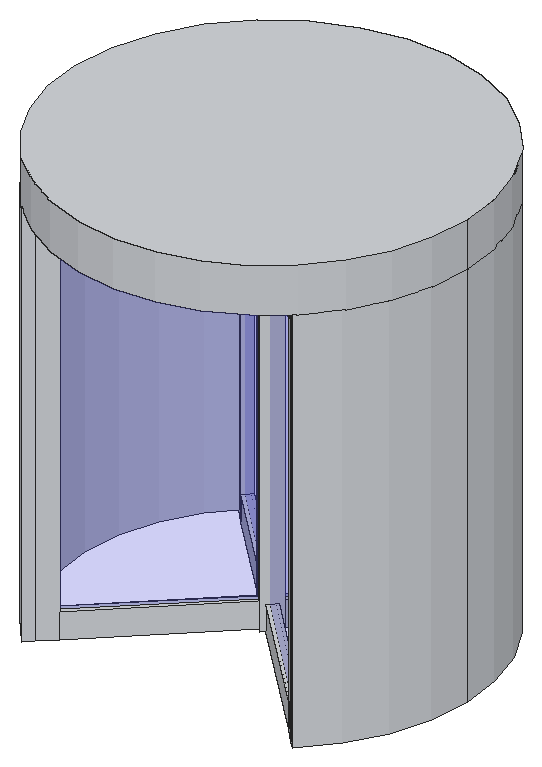
Revit family
Parameters (values of type "2000 dia x 2200 h")
  Panel Material = none
  Height = 2200 mm
  Pelmet Depth = 225 mm
  Wall Closure = (empty or 0)
  Width = 2000 mm
  Glass Material = none
  Frame Material = none
Types (3, lengths in mm): name | Height | Pelmet Depth | Width
  2000 dia x 2200 h | 2200 | 225 | 2000
  2100 dia x 2200 h | 2200 | 225 | 2100
  2500 dia x 2400 h | 2400 | 300 | 2500
Reference planes
  plane 1: y = 0
  plane 2: z = 0
  plane 3 "Center": x = 0
  plane 4 "Left": x = -1000
  plane 5 "Right": x = 1000
  plane 6 "Top": z = 2200
  plane 7: through (0, 0, 0) normal (0.7071, 0.7071, 0)
  plane 8: through (0, 0, 0) normal (0.7071, -0.7071, 0)
  plane 9: through (17.961, 17.961, 0) normal (0.7071, 0.7071, 0)
  plane 10: through (-17.961, -17.961, 0) normal (0.7071, 0.7071, 0)
  plane 11: through (17.961, -17.961, 0) normal (0.7071, -0.7071, 0)
  plane 12: through (-17.961, 17.961, 0) normal (0.7071, -0.7071, 0)
  plane 13: z = 1975
Forms (mm)
  Extrusion 1, solid, material <- "Frame Material", detail levels medium+fine
    sketch origin (0, 0, 0) x (1, 0, 0) y (0, 1, 0)
      loop
        line (-652.985, 688.906) -> (-689.84, 723.962)
        arc (-689.84, 723.962) -> (-919.195, 393.802) -> (-1000, 0) r 1000
        arc (-1000, 0) -> (-918.706, -394.943) -> (-688.041, -725.672) r 1000
        line (-688.041, -725.672) -> (-652.985, -688.906)
        arc (-652.985, -688.906) -> (-949.2, 0) -> (-652.985, 688.906) r 949.2
      loop
        arc (652.986, 688.907) -> (872.009, 374.946) -> (949.202, 0) r 949.202
        arc (949.202, 0) -> (872.009, -374.946) -> (652.986, -688.907) r 949.202
        line (652.986, -688.907) -> (689.84, -723.962)
        arc (689.84, -723.962) -> (919.195, -393.802) -> (1000, 0) r 1000
        arc (1000, 0) -> (918.945, 394.387) -> (688.918, 724.839) r 1000
        line (688.918, 724.839) -> (652.986, 688.907)
    from 0 to 1975
  Extrusion 2, solid, detail levels medium+fine
    sketch origin (0, 0, 0) x (1, 0, 0) y (0, 1, 0)
      loop
        line (-71.842, 0) -> (0, -71.842) -> (71.842, 0) -> (0, 71.842) -> (-71.842, 0)
    from 0 to 1975
  Extrusion 3, solid, material <- "Frame Material"
    sketch origin (0, 0, 1975) x (1, 0, 0) y (0, 1, 0)
      loop
        circle (0, 0) r 1000
    from 0 to 225
  Extrusion 4, solid
    sketch origin (0, 0, 0) x (1, 0, 0) y (0, 1, 0)
      loop
        line (-688.907, -652.986) -> (-652.986, -688.907) -> (-581.144, -617.065) -> (-617.065, -581.144) -> (-688.907, -652.986)
      loop
        line (-688.907, 652.986) -> (-617.065, 581.144) -> (-581.144, 617.065) -> (-652.986, 688.907) -> (-688.907, 652.986)
      loop
        line (581.144, 617.065) -> (617.065, 581.144) -> (688.907, 652.986) -> (652.986, 688.907) -> (581.144, 617.065)
      loop
        line (581.144, -617.065) -> (652.986, -688.907) -> (688.907, -652.986) -> (617.065, -581.144) -> (581.144, -617.065)
    from 0 to 1975
  Extrusion 5, solid, material <- "Panel Material"
    sketch origin (0, 0, 0) x (1, 0, 0) y (0, 1, 0)
      loop
        line (-617.065, 581.144) -> (-53.882, 17.961) -> (-17.961, 53.882) -> (-581.144, 617.065) -> (-617.065, 581.144)
      loop
        line (17.961, 53.882) -> (53.882, 17.961) -> (617.065, 581.144) -> (581.144, 617.065) -> (17.961, 53.882)
      loop
        line (17.961, -53.882) -> (581.144, -617.065) -> (617.065, -581.144) -> (53.882, -17.961) -> (17.961, -53.882)
      loop
        line (-53.882, -17.961) -> (-617.065, -581.144) -> (-581.144, -617.065) -> (-17.961, -53.882) -> (-53.882, -17.961)
    from 0 to 127
  Extrusion 6, solid, material <- "Panel Material"
    sketch origin (0, 0, 0) x (1, 0, 0) y (0, 1, 0)
      loop
        line (-53.882, -17.961) -> (-617.065, -581.144) -> (-581.144, -617.065) -> (-17.961, -53.882) -> (-53.882, -17.961)
      loop
        line (-617.065, 581.144) -> (-53.882, 17.961) -> (-17.961, 53.882) -> (-581.144, 617.065) -> (-617.065, 581.144)
      loop
        line (581.144, 617.065) -> (17.961, 53.882) -> (53.882, 17.961) -> (617.065, 581.144) -> (581.144, 617.065)
      loop
        line (617.065, -581.144) -> (53.882, -17.961) -> (17.961, -53.882) -> (581.144, -617.065) -> (617.065, -581.144)
    from 1873.4 to 2133.6
  Extrusion 7, solid, material <- "Glass Material"
    sketch origin (0, 0, 0) x (1, 0, 0) y (0, 1, 0)
      loop
        line (-607.983, -590.227) -> (-590.125, -608.085) -> (-26.941, -44.901) -> (-44.799, -27.043) -> (-607.983, -590.227)
      loop
        line (607.983, -590.227) -> (44.799, -27.043) -> (26.941, -44.901) -> (590.125, -608.085) -> (607.983, -590.227)
      loop
        line (607.983, 590.227) -> (590.125, 608.085) -> (26.941, 44.901) -> (44.799, 27.043) -> (607.983, 590.227)
      loop
        line (-607.983, 590.227) -> (-44.799, 27.043) -> (-26.941, 44.901) -> (-590.125, 608.085) -> (-607.983, 590.227)
    from 127 to 1873.4
Lines and regions (mm)
  Opening 1
    outline origin (-2286, -76.2, 0) x (1, 0, 0) y (0, 0, 1)
      loop
        line (1286, 0) -> (3286, 0) -> (3286, 2200) -> (1286, 2200) -> (1286, 0)
  symbolic lines, style "Plan Swing"
    curve 1: arc (1000, 0, 0) -> (0, 1000, 0) -> (-1000, 0, 0) r 1000
    curve 2: arc (-1000, 0, 0) -> (0, -1000, 0) -> (1000, 0, 0) r 1000
    curve 3: arc (949.202, 0, 0) -> (0, 949.202, 0) -> (-949.202, 0, 0) r 949.202
    curve 4: arc (-949.202, 0, 0) -> (0, -949.202, 0) -> (949.202, 0, 0) r 949.202
    curve 48: arc (-322.559, 552.771, 0) -> (14.348, 639.839, 0) -> (347.013, 537.756, 0) r 640
    curve 49: line (347.013, 537.756, 0) -> (243.029, 552.328, 0)
    curve 50: line (347.013, 537.756, 0) -> (291.475, 614.831, 0)
  symbolic lines, style "DoorsPanelProjection"
    curve 5: line (-71.842, 0, 0) -> (0, 71.842, 0)
    curve 6: line (71.842, 0, 0) -> (0, -71.842, 0)
    curve 7: line (0, 71.842, 0) -> (71.842, 0, 0)
    curve 8: line (-71.842, 0, 0) -> (0, -71.842, 0)
    curve 9: line (-688.907, 652.986, 0) -> (-652.986, 688.907, 0)
    curve 10: line (-688.907, 652.986, 0) -> (-617.065, 581.144, 0)
    curve 11: line (-652.986, 688.907, 0) -> (-581.144, 617.065, 0)
    curve 12: line (-617.065, 581.144, 0) -> (-581.144, 617.065, 0)
    curve 14: line (-688.907, -652.986, 0) -> (-617.065, -581.144, 0)
    curve 15: line (-652.986, -688.907, 0) -> (-581.144, -617.065, 0)
    curve 16: line (-688.907, -652.986, 0) -> (-652.986, -688.907, 0)
    curve 17: line (-617.065, -581.144, 0) -> (-581.144, -617.065, 0)
    curve 19: line (652.986, 688.907, 0) -> (688.907, 652.986, 0)
    curve 20: line (652.986, 688.907, 0) -> (581.144, 617.065, 0)
    curve 21: line (688.907, 652.986, 0) -> (617.065, 581.144, 0)
    curve 22: line (581.144, 617.065, 0) -> (617.065, 581.144, 0)
    curve 24: line (652.986, -688.907, 0) -> (688.907, -652.986, 0)
    curve 25: line (652.986, -688.907, 0) -> (581.144, -617.065, 0)
    curve 26: line (688.907, -652.986, 0) -> (617.065, -581.144, 0)
    curve 27: line (581.144, -617.065, 0) -> (617.065, -581.144, 0)
    curve 33: arc (-652.987, -688.908, 0) -> (-949.202, 0, 0) -> (-652.987, 688.908, 0) r 949.202
    curve 34: line (-652.987, 688.908, 0) -> (-689.84, 723.962, 0)
    curve 35: line (-688.041, -725.672, 0) -> (-652.987, -688.908, 0)
    curve 36: arc (949.202, 0, 0) -> (872.009, -374.946, 0) -> (652.986, -688.907, 0) r 949.202
    curve 37: arc (652.986, 688.907, 0) -> (872.009, 374.946, 0) -> (949.202, 0, 0) r 949.202
    curve 38: line (652.986, -688.907, 0) -> (689.84, -723.962, 0)
    curve 39: line (688.918, 724.839, 0) -> (652.986, 688.907, 0)
    curve 40: arc (-688.918, 724.839, 0) -> (-918.945, 394.387, 0) -> (-1000, 0, 0) r 1000
    curve 41: arc (-1000, 0, 0) -> (-918.706, -394.943, 0) -> (-688.041, -725.672, 0) r 1000
    curve 42: arc (1000, 0, 0) -> (918.945, 394.387, 0) -> (688.918, 724.839, 0) r 1000
    curve 43: arc (687.399, -726.28, 0) -> (918.531, -395.348, 0) -> (1000, 0, 0) r 1000
  symbolic lines, style "DoorsGlassProjection"
    curve 13: line (-599.105, 599.105, 0) -> (-35.921, 35.921, 0)
    curve 18: line (-599.105, -599.105, 0) -> (-35.921, -35.921, 0)
    curve 23: line (35.921, 35.921, 0) -> (599.105, 599.105, 0)
    curve 28: line (35.921, -35.921, 0) -> (599.105, -599.105, 0)
  symbolic lines
    curve 29: line (-652.986, 688.907, 0) -> (-688.918, 724.839, 0)
    curve 30: line (-652.986, -688.907, 0) -> (-688.918, -724.839, 0)
    curve 31: line (652.986, -688.907, 0) -> (687.399, -726.28, 0)
    curve 32: line (652.986, 688.907, 0) -> (688.918, 724.839, 0)
  symbolic lines, style "Plan Swing", detail levels coarse
    curve 44: arc (1000, 0, 0) -> (0, 1000, 0) -> (-1000, 0, 0) r 1000
    curve 45: arc (-1000, 0, 0) -> (0, -1000, 0) -> (1000, 0, 0) r 1000
  symbolic lines, detail levels coarse
    curve 46: line (-707.107, -707.107, 0) -> (707.107, 707.107, 0)
    curve 47: line (707.107, -707.107, 0) -> (-707.107, 707.107, 0)
Text (mm)
  text "Exterior" at (-1490.41, 693.701, 0), in view "Floor Line"
  text "Interior" at (-1482.03, -638.649, 0), in view "Floor Line"
  text "Exterior" at (0, 1019.848, 3124.603), in view "Right"
  text "Interior" at (0, -1635.541, 3124.603), in view "Right"
  text "Interior" at (0, -787.806, 3124.376), in view "Left"
  text "Exterior" at (0, 1386.095, 3124.376), in view "Left"
Dimensions and locks
  equal spacing: plane 4 "Left", plane 3 "Center", plane 5 "Right"
  "Height": plane 2 to plane 6 "Top"
  "Width": plane 4 "Left" to plane 5 "Right"
  host wall to plane 6 "Top" = 2200 mm
  curve 12 to curve 9 = 101.6 mm
  locked: curve 16 to curve 17 at 101.6
  locked: curve 22 to curve 19 at 101.6
  locked: curve 24 to curve 27 at 101.6
  locked: Extrusion 1 sketch curve to Extrusion 1 sketch curve at 50.8
  "Pelmet Depth": plane 13 to plane 6 "Top"
  locked: Extrusion 5 to level at 127
  locked: plane 13 to Extrusion 6 at 101.6
  angle plane 7 to plane 1 = 45.00°
  aligned and locked: plane 4 "Left" to Opening 1 sketch curve
  aligned and locked: plane 6 "Top" to Opening 1 sketch curve  (x2)
  aligned and locked: Opening 1 sketch curve to plane 5 "Right"
  aligned and locked: Opening 1 sketch curve to level
  aligned and locked: plane 8 to curve 18
  aligned and locked: plane 8 to curve 23
  aligned and locked: Extrusion 1 to Extrusion 2
  aligned and locked: plane 13 to Extrusion 1
  aligned and locked: Extrusion 3 to host wall
  aligned and locked: Extrusion 1 to Extrusion 4
  aligned and locked: Extrusion 4 sketch curve to curve 9
  aligned and locked: Extrusion 4 sketch curve to curve 10
  aligned and locked: Extrusion 4 sketch curve to curve 20
  aligned and locked: Extrusion 4 sketch curve to curve 19
  aligned and locked: Extrusion 4 sketch curve to curve 25
  aligned and locked: Extrusion 4 sketch curve to curve 24
  aligned and locked: Extrusion 4 sketch curve to curve 14  (x2)
  aligned and locked: Extrusion 2 to Extrusion 5 sketch curve  (x4)
  aligned and locked: Extrusion 5 sketch curve to Extrusion 4  (x3)
  aligned and locked: Extrusion 5 sketch curve to curve 25
  aligned and locked: Extrusion 6 sketch curve to Extrusion 4  (x4)
  aligned and locked: Extrusion 6 sketch curve to Extrusion 2  (x3)
  aligned and locked: Extrusion 2 to Extrusion 6 sketch curve
  aligned and locked: Extrusion 4 to Extrusion 7 sketch curve  (x2)
  aligned and locked: Extrusion 7 sketch curve to Extrusion 2  (x2)
  aligned and locked: Extrusion 7 sketch curve to Extrusion 4  (x2)
  aligned and locked: Extrusion 2 to Extrusion 7 sketch curve  (x2)
  aligned and locked: Extrusion 7 to Extrusion 6
  aligned and locked: Extrusion 7 to Extrusion 5
  aligned and locked: curve 36 to Extrusion 1
  aligned and locked: curve 37 to Extrusion 1
  aligned and locked: curve 38 to Extrusion 1
  aligned and locked: curve 40 to Extrusion 3
  aligned and locked: curve 41 to Extrusion 3
  aligned and locked: curve 42 to Extrusion 3
  aligned and locked: curve 43 to Extrusion 3
  aligned and locked: plane 7 to curve 47
Automatic sketch dimensions
  Extrusion 1 sketch curve to plane 1 = 0 mm  (x4)
  Extrusion 1 sketch curve to plane 4 "Left" = 0 mm
  Extrusion 1 sketch curve to plane 11 = 0 mm
  Extrusion 1 sketch curve to plane 9 = 0 mm
  Extrusion 1 sketch curve to plane 3 "Center" = 0 mm  (x7)
  Extrusion 1 sketch curve to plane 12 = 0 mm  (x2)
  Extrusion 1 sketch curve to plane 10 = 0 mm
  Extrusion 1 sketch curve to plane 5 "Right" = 0 mm
  Extrusion 1 sketch curve to plane 9 = 1.272 mm
  plane 11 to Extrusion 1 sketch curve = 1.21 mm
  Extrusion 1 sketch curve to Extrusion 1 sketch curve = 35.932 mm
  plane 10 to Extrusion 1 sketch curve = 1.272 mm
  Extrusion 2 sketch curve to plane 1 = 0 mm  (x2)
  Extrusion 2 sketch curve to plane 3 "Center" = 0 mm  (x2)
  Extrusion 2 sketch curve to plane 3 "Center" = 71.842 mm
  Extrusion 3 sketch curve to plane 1 = 0 mm
  Extrusion 3 sketch curve to plane 4 "Left" = 0 mm
  Extrusion 3 sketch curve to plane 3 "Center" = 0 mm
  Extrusion 4 sketch curve to plane 10 = 0 mm  (x2)
  Extrusion 4 sketch curve to plane 12 = 0 mm  (x3)
  Extrusion 4 sketch curve to plane 9 = 0 mm  (x2)
  Extrusion 4 sketch curve to plane 11 = 0 mm  (x2)
  Extrusion 5 sketch curve to plane 12 = 0 mm  (x2)
  Extrusion 5 sketch curve to plane 10 = 0 mm  (x2)
  Extrusion 5 sketch curve to plane 9 = 0 mm  (x2)
  Extrusion 5 sketch curve to plane 11 = 0 mm  (x2)
  Extrusion 6 sketch curve to plane 12 = 0 mm  (x2)
  Extrusion 6 sketch curve to plane 10 = 0 mm  (x2)
  Extrusion 6 sketch curve to plane 9 = 0 mm  (x2)
  Extrusion 6 sketch curve to plane 11 = 0 mm  (x2)
  Extrusion 7 sketch curve to plane 7 = 12.556 mm
  Extrusion 7 sketch curve to plane 8 = 12.556 mm
  plane 8 to Extrusion 7 sketch curve = 12.7 mm
  plane 7 to Extrusion 7 sketch curve = 12.7 mm
  plane 1 to Extrusion 7 sketch curve = 44.901 mm
  Extrusion 7 sketch curve to plane 1 = 44.901 mm
  Extrusion 7 sketch curve to plane 1 = 27.043 mm
  plane 1 to Extrusion 7 sketch curve = 27.043 mm
  curve 44 to host wall = 0 mm
  curve 44 to plane 4 "Left" = 0 mm
  curve 1 to host wall = 0 mm
  curve 1 to plane 4 "Left" = 0 mm
  curve 3 to host wall = 0 mm
  curve 46 to plane 8 = 0 mm  (x2)
  curve 30 to plane 11 = 0 mm
  curve 40 to plane 9 = 0 mm
  curve 14 to plane 12 = 0 mm
  curve 9 to plane 10 = 0 mm
  curve 35 to plane 11 = 0 mm
  curve 33 to plane 9 = 0 mm
  curve 11 to plane 9 = 0 mm
  curve 13 to plane 7 = 0 mm
  curve 8 to host wall = 0 mm
  curve 48 to host wall = 0 mm
  curve 48 to plane 3 "Center" = 0 mm
  curve 6 to plane 3 "Center" = 0 mm
  curve 7 to plane 3 "Center" = 0 mm
  curve 45 to plane 3 "Center" = 0 mm
  curve 2 to plane 3 "Center" = 0 mm
  curve 33 to host wall = 0 mm
  curve 33 to plane 3 "Center" = 0 mm
  curve 28 to plane 7 = 0 mm
  curve 27 to plane 10 = 0 mm
  curve 20 to plane 12 = 0 mm
  curve 37 to plane 12 = 0 mm
  curve 31 to plane 10 = 0 mm
  curve 32 to plane 12 = 0 mm
  curve 42 to plane 12 = 0 mm
  curve 34 to plane 9 = 1.272 mm
  plane 11 to curve 41 = 1.21 mm
  curve 35 to curve 15 = 0 mm
  curve 33 to curve 35 = 0 mm
  plane 9 to curve 48 = 137.385 mm
  curve 48 to plane 3 "Center" = 322.559 mm
  curve 8 to plane 10 = 25.4 mm
  plane 3 "Center" to curve 49 = 243.029 mm
  curve 49 to curve 50 = 48.445 mm
  curve 49 to plane 12 = 109.476 mm
  curve 31 to plane 10 = 2.093 mm
  curve 49 to plane 12 = 193.308 mm
  curve 50 to plane 12 = 203.247 mm
